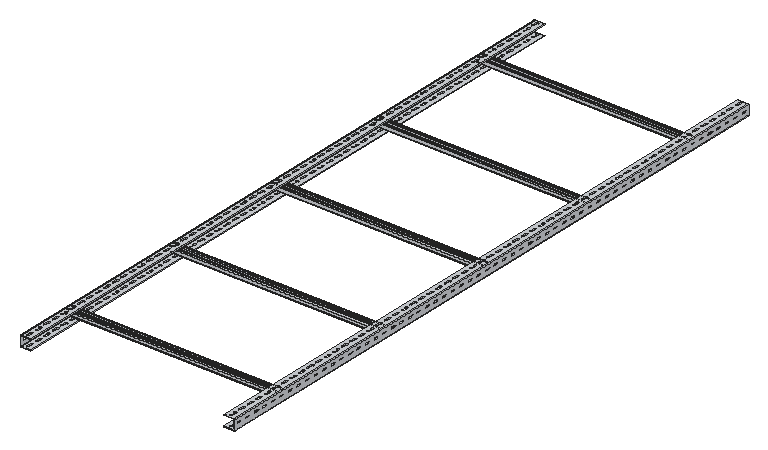
Revit family "steigeleiter_1000_FT", category Generic Models, Revit 2017
Family settings
  Can host rebar = No
  Round Connector Dimension = Use Diameter
  Part Type = Normal
  Work Plane-Based = No
  Always vertical = Yes
  Cut with Voids When Loaded = No
  Shared = No
  Room Calculation Point = No
Parameters (values of type "SLM 50 C40 10 FT")
  Width 1 = Width / 2  # 500 mm
  Width = 1000 mm
  URL = "http://www.obo-bettermann.com"
  Material = none
  Manufacturer Art.No. = "6010547"
  Manufacturer = "OBO BETTERMANN"
  Length 2 = 273.5 mm
  Length = 3000 mm
  GTIN = "4012196168613"
  Cut's space 2 = 600 mm
  Cut's space = 50 mm
  Cut's number 3 = 2
  Cut's number 2 = 5
  Cut's number = Length / Cut's space  # 60
  Article Type = "SLM 50 C40 10 FT"
Reference planes
  plane 1 "Center (Front/Back)": y = 0
  plane 2: z = 0
  plane 3 "Center (Left/Right)": x = 0
  plane 4: z = 50
  plane 5: y = 3000
  plane 6: y = 273.5
Forms (mm)
  Extrusion 1, solid
    sketch origin (0, 0, 0) x (1, 0, 0) y (0, 0, 1)
      loop
        arc (-496, 2.5) -> (-497.061, 2.939) -> (-497.5, 4) r 1.5
        line (-497.5, 4) -> (-497.5, 46)
        arc (-497.5, 46) -> (-497.061, 47.061) -> (-496, 47.5) r 1.5
        line (-496, 47.5) -> (-450, 47.5) -> (-450, 50) -> (-496, 50)
        arc (-496, 50) -> (-498.828, 48.828) -> (-500, 46) r 4
        line (-500, 46) -> (-500, 4)
        arc (-500, 4) -> (-498.828, 1.172) -> (-496, 0) r 4
        line (-496, 0) -> (-450, 0) -> (-450, 2.5) -> (-496, 2.5)
      loop
        line (450, 50) -> (450, 47.5) -> (496, 47.5)
        arc (496, 47.5) -> (497.061, 47.061) -> (497.5, 46) r 1.5
        line (497.5, 46) -> (497.5, 4)
        arc (497.5, 4) -> (497.061, 2.939) -> (496, 2.5) r 1.5
        line (496, 2.5) -> (450, 2.5) -> (450, 0) -> (499.273, 0)
        arc (499.273, 0) -> (499.787, 0.213) -> (500, 0.727) r 0.727
        line (500, 0.727) -> (500, 47.011)
        arc (500, 47.011) -> (499.124, 49.124) -> (497.011, 50) r 2.989
        line (497.011, 50) -> (450, 50)
    from 0 to -3000
  Extrusion 2, void
    sketch origin (0, 0, 0) x (1, 0, 0) y (0, 1, 0)
      loop
        arc (-480.5, 15.5) -> (-475, 10) -> (-469.5, 15.5) r 5.5
        line (-469.5, 15.5) -> (-469.5, 34.5)
        arc (-469.5, 34.5) -> (-475, 40) -> (-480.5, 34.5) r 5.5
        line (-480.5, 34.5) -> (-480.5, 15.5)
    from 47.5 to 50
  Extrusion 3, void
    sketch origin (0, 50, 0) x (1, 0, 0) y (0, 1, 0)
      loop
        arc (-480.5, 15.5) -> (-475, 10) -> (-469.5, 15.5) r 5.5
        line (-469.5, 15.5) -> (-469.5, 34.5)
        arc (-469.5, 34.5) -> (-475, 40) -> (-480.5, 34.5) r 5.5
        line (-480.5, 34.5) -> (-480.5, 15.5)
    from 47.5 to 50
  Extrusion 4, void
    sketch origin (0, 100, 0) x (1, 0, 0) y (0, 1, 0)
      loop
        arc (-480.5, 15.5) -> (-475, 10) -> (-469.5, 15.5) r 5.5
        line (-469.5, 15.5) -> (-469.5, 34.5)
        arc (-469.5, 34.5) -> (-475, 40) -> (-480.5, 34.5) r 5.5
        line (-480.5, 34.5) -> (-480.5, 15.5)
    from 47.5 to 50
  Extrusion 5, void
    sketch origin (0, 150, 0) x (1, 0, 0) y (0, 1, 0)
      loop
        arc (-480.5, 15.5) -> (-475, 10) -> (-469.5, 15.5) r 5.5
        line (-469.5, 15.5) -> (-469.5, 34.5)
        arc (-469.5, 34.5) -> (-475, 40) -> (-480.5, 34.5) r 5.5
        line (-480.5, 34.5) -> (-480.5, 15.5)
    from 47.5 to 50
  Extrusion 6, void
    sketch origin (0, 200, 0) x (1, 0, 0) y (0, 1, 0)
      loop
        arc (-480.5, 15.5) -> (-475, 10) -> (-469.5, 15.5) r 5.5
        line (-469.5, 15.5) -> (-469.5, 34.5)
        arc (-469.5, 34.5) -> (-475, 40) -> (-480.5, 34.5) r 5.5
        line (-480.5, 34.5) -> (-480.5, 15.5)
    from 47.5 to 50
  Extrusion 7, void
    sketch origin (0, 250, 0) x (1, 0, 0) y (0, 1, 0)
      loop
        arc (-480.5, 15.5) -> (-475, 10) -> (-469.5, 15.5) r 5.5
        line (-469.5, 15.5) -> (-469.5, 34.5)
        arc (-469.5, 34.5) -> (-475, 40) -> (-480.5, 34.5) r 5.5
        line (-480.5, 34.5) -> (-480.5, 15.5)
    from 47.5 to 50
  Extrusion 8, void
    sketch origin (0, 300, 0) x (1, 0, 0) y (0, 1, 0)
      loop
        arc (-480.5, 15.5) -> (-475, 10) -> (-469.5, 15.5) r 5.5
        line (-469.5, 15.5) -> (-469.5, 34.5)
        arc (-469.5, 34.5) -> (-475, 40) -> (-480.5, 34.5) r 5.5
        line (-480.5, 34.5) -> (-480.5, 15.5)
    from 47.5 to 50
  Extrusion 9, void
    sketch origin (0, 350, 0) x (1, 0, 0) y (0, 1, 0)
      loop
        arc (-480.5, 15.5) -> (-475, 10) -> (-469.5, 15.5) r 5.5
        line (-469.5, 15.5) -> (-469.5, 34.5)
        arc (-469.5, 34.5) -> (-475, 40) -> (-480.5, 34.5) r 5.5
        line (-480.5, 34.5) -> (-480.5, 15.5)
    from 47.5 to 50
  Extrusion 10, void
    sketch origin (0, 400, 0) x (1, 0, 0) y (0, 1, 0)
      loop
        arc (-480.5, 15.5) -> (-475, 10) -> (-469.5, 15.5) r 5.5
        line (-469.5, 15.5) -> (-469.5, 34.5)
        arc (-469.5, 34.5) -> (-475, 40) -> (-480.5, 34.5) r 5.5
        line (-480.5, 34.5) -> (-480.5, 15.5)
    from 47.5 to 50
  Extrusion 11, void
    sketch origin (0, 450, 0) x (1, 0, 0) y (0, 1, 0)
      loop
        arc (-480.5, 15.5) -> (-475, 10) -> (-469.5, 15.5) r 5.5
        line (-469.5, 15.5) -> (-469.5, 34.5)
        arc (-469.5, 34.5) -> (-475, 40) -> (-480.5, 34.5) r 5.5
        line (-480.5, 34.5) -> (-480.5, 15.5)
    from 47.5 to 50
  Extrusion 12, void
    sketch origin (0, 500, 0) x (1, 0, 0) y (0, 1, 0)
      loop
        arc (-480.5, 15.5) -> (-475, 10) -> (-469.5, 15.5) r 5.5
        line (-469.5, 15.5) -> (-469.5, 34.5)
        arc (-469.5, 34.5) -> (-475, 40) -> (-480.5, 34.5) r 5.5
        line (-480.5, 34.5) -> (-480.5, 15.5)
    from 47.5 to 50
  Extrusion 13, void
    sketch origin (0, 550, 0) x (1, 0, 0) y (0, 1, 0)
      loop
        arc (-480.5, 15.5) -> (-475, 10) -> (-469.5, 15.5) r 5.5
        line (-469.5, 15.5) -> (-469.5, 34.5)
        arc (-469.5, 34.5) -> (-475, 40) -> (-480.5, 34.5) r 5.5
        line (-480.5, 34.5) -> (-480.5, 15.5)
    from 47.5 to 50
  Extrusion 14, void
    sketch origin (0, 600, 0) x (1, 0, 0) y (0, 1, 0)
      loop
        arc (-480.5, 15.5) -> (-475, 10) -> (-469.5, 15.5) r 5.5
        line (-469.5, 15.5) -> (-469.5, 34.5)
        arc (-469.5, 34.5) -> (-475, 40) -> (-480.5, 34.5) r 5.5
        line (-480.5, 34.5) -> (-480.5, 15.5)
    from 47.5 to 50
  Extrusion 15, void
    sketch origin (0, 650, 0) x (1, 0, 0) y (0, 1, 0)
      loop
        arc (-480.5, 15.5) -> (-475, 10) -> (-469.5, 15.5) r 5.5
        line (-469.5, 15.5) -> (-469.5, 34.5)
        arc (-469.5, 34.5) -> (-475, 40) -> (-480.5, 34.5) r 5.5
        line (-480.5, 34.5) -> (-480.5, 15.5)
    from 47.5 to 50
  Extrusion 16, void
    sketch origin (0, 700, 0) x (1, 0, 0) y (0, 1, 0)
      loop
        arc (-480.5, 15.5) -> (-475, 10) -> (-469.5, 15.5) r 5.5
        line (-469.5, 15.5) -> (-469.5, 34.5)
        arc (-469.5, 34.5) -> (-475, 40) -> (-480.5, 34.5) r 5.5
        line (-480.5, 34.5) -> (-480.5, 15.5)
    from 47.5 to 50
  Extrusion 17, void
    sketch origin (0, 750, 0) x (1, 0, 0) y (0, 1, 0)
      loop
        arc (-480.5, 15.5) -> (-475, 10) -> (-469.5, 15.5) r 5.5
        line (-469.5, 15.5) -> (-469.5, 34.5)
        arc (-469.5, 34.5) -> (-475, 40) -> (-480.5, 34.5) r 5.5
        line (-480.5, 34.5) -> (-480.5, 15.5)
    from 47.5 to 50
  Extrusion 18, void
    sketch origin (0, 800, 0) x (1, 0, 0) y (0, 1, 0)
      loop
        arc (-480.5, 15.5) -> (-475, 10) -> (-469.5, 15.5) r 5.5
        line (-469.5, 15.5) -> (-469.5, 34.5)
        arc (-469.5, 34.5) -> (-475, 40) -> (-480.5, 34.5) r 5.5
        line (-480.5, 34.5) -> (-480.5, 15.5)
    from 47.5 to 50
  Extrusion 19, void
    sketch origin (0, 850, 0) x (1, 0, 0) y (0, 1, 0)
      loop
        arc (-480.5, 15.5) -> (-475, 10) -> (-469.5, 15.5) r 5.5
        line (-469.5, 15.5) -> (-469.5, 34.5)
        arc (-469.5, 34.5) -> (-475, 40) -> (-480.5, 34.5) r 5.5
        line (-480.5, 34.5) -> (-480.5, 15.5)
    from 47.5 to 50
  Extrusion 20, void
    sketch origin (0, 900, 0) x (1, 0, 0) y (0, 1, 0)
      loop
        arc (-480.5, 15.5) -> (-475, 10) -> (-469.5, 15.5) r 5.5
        line (-469.5, 15.5) -> (-469.5, 34.5)
        arc (-469.5, 34.5) -> (-475, 40) -> (-480.5, 34.5) r 5.5
        line (-480.5, 34.5) -> (-480.5, 15.5)
    from 47.5 to 50
  Extrusion 21, void
    sketch origin (0, 950, 0) x (1, 0, 0) y (0, 1, 0)
      loop
        arc (-480.5, 15.5) -> (-475, 10) -> (-469.5, 15.5) r 5.5
        line (-469.5, 15.5) -> (-469.5, 34.5)
        arc (-469.5, 34.5) -> (-475, 40) -> (-480.5, 34.5) r 5.5
        line (-480.5, 34.5) -> (-480.5, 15.5)
    from 47.5 to 50
  Extrusion 22, void
    sketch origin (0, 1000, 0) x (1, 0, 0) y (0, 1, 0)
      loop
        arc (-480.5, 15.5) -> (-475, 10) -> (-469.5, 15.5) r 5.5
        line (-469.5, 15.5) -> (-469.5, 34.5)
        arc (-469.5, 34.5) -> (-475, 40) -> (-480.5, 34.5) r 5.5
        line (-480.5, 34.5) -> (-480.5, 15.5)
    from 47.5 to 50
  Extrusion 23, void
    sketch origin (0, 1050, 0) x (1, 0, 0) y (0, 1, 0)
      loop
        arc (-480.5, 15.5) -> (-475, 10) -> (-469.5, 15.5) r 5.5
        line (-469.5, 15.5) -> (-469.5, 34.5)
        arc (-469.5, 34.5) -> (-475, 40) -> (-480.5, 34.5) r 5.5
        line (-480.5, 34.5) -> (-480.5, 15.5)
    from 47.5 to 50
  Extrusion 24, void
    sketch origin (0, 1100, 0) x (1, 0, 0) y (0, 1, 0)
      loop
        arc (-480.5, 15.5) -> (-475, 10) -> (-469.5, 15.5) r 5.5
        line (-469.5, 15.5) -> (-469.5, 34.5)
        arc (-469.5, 34.5) -> (-475, 40) -> (-480.5, 34.5) r 5.5
        line (-480.5, 34.5) -> (-480.5, 15.5)
    from 47.5 to 50
  Extrusion 25, void
    sketch origin (0, 1150, 0) x (1, 0, 0) y (0, 1, 0)
      loop
        arc (-480.5, 15.5) -> (-475, 10) -> (-469.5, 15.5) r 5.5
        line (-469.5, 15.5) -> (-469.5, 34.5)
        arc (-469.5, 34.5) -> (-475, 40) -> (-480.5, 34.5) r 5.5
        line (-480.5, 34.5) -> (-480.5, 15.5)
    from 47.5 to 50
  Extrusion 26, void
    sketch origin (0, 1200, 0) x (1, 0, 0) y (0, 1, 0)
      loop
        arc (-480.5, 15.5) -> (-475, 10) -> (-469.5, 15.5) r 5.5
        line (-469.5, 15.5) -> (-469.5, 34.5)
        arc (-469.5, 34.5) -> (-475, 40) -> (-480.5, 34.5) r 5.5
        line (-480.5, 34.5) -> (-480.5, 15.5)
    from 47.5 to 50
  Extrusion 27, void
    sketch origin (0, 1250, 0) x (1, 0, 0) y (0, 1, 0)
      loop
        arc (-480.5, 15.5) -> (-475, 10) -> (-469.5, 15.5) r 5.5
        line (-469.5, 15.5) -> (-469.5, 34.5)
        arc (-469.5, 34.5) -> (-475, 40) -> (-480.5, 34.5) r 5.5
        line (-480.5, 34.5) -> (-480.5, 15.5)
    from 47.5 to 50
  Extrusion 28, void
    sketch origin (0, 1300, 0) x (1, 0, 0) y (0, 1, 0)
      loop
        arc (-480.5, 15.5) -> (-475, 10) -> (-469.5, 15.5) r 5.5
        line (-469.5, 15.5) -> (-469.5, 34.5)
        arc (-469.5, 34.5) -> (-475, 40) -> (-480.5, 34.5) r 5.5
        line (-480.5, 34.5) -> (-480.5, 15.5)
    from 47.5 to 50
  Extrusion 29, void
    sketch origin (0, 1350, 0) x (1, 0, 0) y (0, 1, 0)
      loop
        arc (-480.5, 15.5) -> (-475, 10) -> (-469.5, 15.5) r 5.5
        line (-469.5, 15.5) -> (-469.5, 34.5)
        arc (-469.5, 34.5) -> (-475, 40) -> (-480.5, 34.5) r 5.5
        line (-480.5, 34.5) -> (-480.5, 15.5)
    from 47.5 to 50
  Extrusion 30, void
    sketch origin (0, 1400, 0) x (1, 0, 0) y (0, 1, 0)
      loop
        arc (-480.5, 15.5) -> (-475, 10) -> (-469.5, 15.5) r 5.5
        line (-469.5, 15.5) -> (-469.5, 34.5)
        arc (-469.5, 34.5) -> (-475, 40) -> (-480.5, 34.5) r 5.5
        line (-480.5, 34.5) -> (-480.5, 15.5)
    from 47.5 to 50
  Extrusion 31, void
    sketch origin (0, 1450, 0) x (1, 0, 0) y (0, 1, 0)
      loop
        arc (-480.5, 15.5) -> (-475, 10) -> (-469.5, 15.5) r 5.5
        line (-469.5, 15.5) -> (-469.5, 34.5)
        arc (-469.5, 34.5) -> (-475, 40) -> (-480.5, 34.5) r 5.5
        line (-480.5, 34.5) -> (-480.5, 15.5)
    from 47.5 to 50
  Extrusion 32, void
    sketch origin (0, 1500, 0) x (1, 0, 0) y (0, 1, 0)
      loop
        arc (-480.5, 15.5) -> (-475, 10) -> (-469.5, 15.5) r 5.5
        line (-469.5, 15.5) -> (-469.5, 34.5)
        arc (-469.5, 34.5) -> (-475, 40) -> (-480.5, 34.5) r 5.5
        line (-480.5, 34.5) -> (-480.5, 15.5)
    from 47.5 to 50
  Extrusion 33, void
    sketch origin (0, 1550, 0) x (1, 0, 0) y (0, 1, 0)
      loop
        arc (-480.5, 15.5) -> (-475, 10) -> (-469.5, 15.5) r 5.5
        line (-469.5, 15.5) -> (-469.5, 34.5)
        arc (-469.5, 34.5) -> (-475, 40) -> (-480.5, 34.5) r 5.5
        line (-480.5, 34.5) -> (-480.5, 15.5)
    from 47.5 to 50
  Extrusion 34, void
    sketch origin (0, 1600, 0) x (1, 0, 0) y (0, 1, 0)
      loop
        arc (-480.5, 15.5) -> (-475, 10) -> (-469.5, 15.5) r 5.5
        line (-469.5, 15.5) -> (-469.5, 34.5)
        arc (-469.5, 34.5) -> (-475, 40) -> (-480.5, 34.5) r 5.5
        line (-480.5, 34.5) -> (-480.5, 15.5)
    from 47.5 to 50
  Extrusion 35, void
    sketch origin (0, 1650, 0) x (1, 0, 0) y (0, 1, 0)
      loop
        arc (-480.5, 15.5) -> (-475, 10) -> (-469.5, 15.5) r 5.5
        line (-469.5, 15.5) -> (-469.5, 34.5)
        arc (-469.5, 34.5) -> (-475, 40) -> (-480.5, 34.5) r 5.5
        line (-480.5, 34.5) -> (-480.5, 15.5)
    from 47.5 to 50
  Extrusion 36, void
    sketch origin (0, 1700, 0) x (1, 0, 0) y (0, 1, 0)
      loop
        arc (-480.5, 15.5) -> (-475, 10) -> (-469.5, 15.5) r 5.5
        line (-469.5, 15.5) -> (-469.5, 34.5)
        arc (-469.5, 34.5) -> (-475, 40) -> (-480.5, 34.5) r 5.5
        line (-480.5, 34.5) -> (-480.5, 15.5)
    from 47.5 to 50
  Extrusion 37, void
    sketch origin (0, 1750, 0) x (1, 0, 0) y (0, 1, 0)
      loop
        arc (-480.5, 15.5) -> (-475, 10) -> (-469.5, 15.5) r 5.5
        line (-469.5, 15.5) -> (-469.5, 34.5)
        arc (-469.5, 34.5) -> (-475, 40) -> (-480.5, 34.5) r 5.5
        line (-480.5, 34.5) -> (-480.5, 15.5)
    from 47.5 to 50
  Extrusion 38, void
    sketch origin (0, 1800, 0) x (1, 0, 0) y (0, 1, 0)
      loop
        arc (-480.5, 15.5) -> (-475, 10) -> (-469.5, 15.5) r 5.5
        line (-469.5, 15.5) -> (-469.5, 34.5)
        arc (-469.5, 34.5) -> (-475, 40) -> (-480.5, 34.5) r 5.5
        line (-480.5, 34.5) -> (-480.5, 15.5)
    from 47.5 to 50
  Extrusion 39, void
    sketch origin (0, 1850, 0) x (1, 0, 0) y (0, 1, 0)
      loop
        arc (-480.5, 15.5) -> (-475, 10) -> (-469.5, 15.5) r 5.5
        line (-469.5, 15.5) -> (-469.5, 34.5)
        arc (-469.5, 34.5) -> (-475, 40) -> (-480.5, 34.5) r 5.5
        line (-480.5, 34.5) -> (-480.5, 15.5)
    from 47.5 to 50
  Extrusion 40, void
    sketch origin (0, 1900, 0) x (1, 0, 0) y (0, 1, 0)
      loop
        arc (-480.5, 15.5) -> (-475, 10) -> (-469.5, 15.5) r 5.5
        line (-469.5, 15.5) -> (-469.5, 34.5)
        arc (-469.5, 34.5) -> (-475, 40) -> (-480.5, 34.5) r 5.5
        line (-480.5, 34.5) -> (-480.5, 15.5)
    from 47.5 to 50
  Extrusion 41, void
    sketch origin (0, 1950, 0) x (1, 0, 0) y (0, 1, 0)
      loop
        arc (-480.5, 15.5) -> (-475, 10) -> (-469.5, 15.5) r 5.5
        line (-469.5, 15.5) -> (-469.5, 34.5)
        arc (-469.5, 34.5) -> (-475, 40) -> (-480.5, 34.5) r 5.5
        line (-480.5, 34.5) -> (-480.5, 15.5)
    from 47.5 to 50
  Extrusion 42, void
    sketch origin (0, 2000, 0) x (1, 0, 0) y (0, 1, 0)
      loop
        arc (-480.5, 15.5) -> (-475, 10) -> (-469.5, 15.5) r 5.5
        line (-469.5, 15.5) -> (-469.5, 34.5)
        arc (-469.5, 34.5) -> (-475, 40) -> (-480.5, 34.5) r 5.5
        line (-480.5, 34.5) -> (-480.5, 15.5)
    from 47.5 to 50
  Extrusion 43, void
    sketch origin (0, 2050, 0) x (1, 0, 0) y (0, 1, 0)
      loop
        arc (-480.5, 15.5) -> (-475, 10) -> (-469.5, 15.5) r 5.5
        line (-469.5, 15.5) -> (-469.5, 34.5)
        arc (-469.5, 34.5) -> (-475, 40) -> (-480.5, 34.5) r 5.5
        line (-480.5, 34.5) -> (-480.5, 15.5)
    from 47.5 to 50
  Extrusion 44, void
    sketch origin (0, 2100, 0) x (1, 0, 0) y (0, 1, 0)
      loop
        arc (-480.5, 15.5) -> (-475, 10) -> (-469.5, 15.5) r 5.5
        line (-469.5, 15.5) -> (-469.5, 34.5)
        arc (-469.5, 34.5) -> (-475, 40) -> (-480.5, 34.5) r 5.5
        line (-480.5, 34.5) -> (-480.5, 15.5)
    from 47.5 to 50
  Extrusion 45, void
    sketch origin (0, 2150, 0) x (1, 0, 0) y (0, 1, 0)
      loop
        arc (-480.5, 15.5) -> (-475, 10) -> (-469.5, 15.5) r 5.5
        line (-469.5, 15.5) -> (-469.5, 34.5)
        arc (-469.5, 34.5) -> (-475, 40) -> (-480.5, 34.5) r 5.5
        line (-480.5, 34.5) -> (-480.5, 15.5)
    from 47.5 to 50
  Extrusion 46, void
    sketch origin (0, 2200, 0) x (1, 0, 0) y (0, 1, 0)
      loop
        arc (-480.5, 15.5) -> (-475, 10) -> (-469.5, 15.5) r 5.5
        line (-469.5, 15.5) -> (-469.5, 34.5)
        arc (-469.5, 34.5) -> (-475, 40) -> (-480.5, 34.5) r 5.5
        line (-480.5, 34.5) -> (-480.5, 15.5)
    from 47.5 to 50
  Extrusion 47, void
    sketch origin (0, 2250, 0) x (1, 0, 0) y (0, 1, 0)
      loop
        arc (-480.5, 15.5) -> (-475, 10) -> (-469.5, 15.5) r 5.5
        line (-469.5, 15.5) -> (-469.5, 34.5)
        arc (-469.5, 34.5) -> (-475, 40) -> (-480.5, 34.5) r 5.5
        line (-480.5, 34.5) -> (-480.5, 15.5)
    from 47.5 to 50
  Extrusion 48, void
    sketch origin (0, 2300, 0) x (1, 0, 0) y (0, 1, 0)
      loop
        arc (-480.5, 15.5) -> (-475, 10) -> (-469.5, 15.5) r 5.5
        line (-469.5, 15.5) -> (-469.5, 34.5)
        arc (-469.5, 34.5) -> (-475, 40) -> (-480.5, 34.5) r 5.5
        line (-480.5, 34.5) -> (-480.5, 15.5)
    from 47.5 to 50
  Extrusion 49, void
    sketch origin (0, 2350, 0) x (1, 0, 0) y (0, 1, 0)
      loop
        arc (-480.5, 15.5) -> (-475, 10) -> (-469.5, 15.5) r 5.5
        line (-469.5, 15.5) -> (-469.5, 34.5)
        arc (-469.5, 34.5) -> (-475, 40) -> (-480.5, 34.5) r 5.5
        line (-480.5, 34.5) -> (-480.5, 15.5)
    from 47.5 to 50
  Extrusion 50, void
    sketch origin (0, 2400, 0) x (1, 0, 0) y (0, 1, 0)
      loop
        arc (-480.5, 15.5) -> (-475, 10) -> (-469.5, 15.5) r 5.5
        line (-469.5, 15.5) -> (-469.5, 34.5)
        arc (-469.5, 34.5) -> (-475, 40) -> (-480.5, 34.5) r 5.5
        line (-480.5, 34.5) -> (-480.5, 15.5)
    from 47.5 to 50
  Extrusion 51, void
    sketch origin (0, 2450, 0) x (1, 0, 0) y (0, 1, 0)
      loop
        arc (-480.5, 15.5) -> (-475, 10) -> (-469.5, 15.5) r 5.5
        line (-469.5, 15.5) -> (-469.5, 34.5)
        arc (-469.5, 34.5) -> (-475, 40) -> (-480.5, 34.5) r 5.5
        line (-480.5, 34.5) -> (-480.5, 15.5)
    from 47.5 to 50
  Extrusion 52, void
    sketch origin (0, 2500, 0) x (1, 0, 0) y (0, 1, 0)
      loop
        arc (-480.5, 15.5) -> (-475, 10) -> (-469.5, 15.5) r 5.5
        line (-469.5, 15.5) -> (-469.5, 34.5)
        arc (-469.5, 34.5) -> (-475, 40) -> (-480.5, 34.5) r 5.5
        line (-480.5, 34.5) -> (-480.5, 15.5)
    from 47.5 to 50
  Extrusion 53, void
    sketch origin (0, 2550, 0) x (1, 0, 0) y (0, 1, 0)
      loop
        arc (-480.5, 15.5) -> (-475, 10) -> (-469.5, 15.5) r 5.5
        line (-469.5, 15.5) -> (-469.5, 34.5)
        arc (-469.5, 34.5) -> (-475, 40) -> (-480.5, 34.5) r 5.5
        line (-480.5, 34.5) -> (-480.5, 15.5)
    from 47.5 to 50
  Extrusion 54, void
    sketch origin (0, 2600, 0) x (1, 0, 0) y (0, 1, 0)
      loop
        arc (-480.5, 15.5) -> (-475, 10) -> (-469.5, 15.5) r 5.5
        line (-469.5, 15.5) -> (-469.5, 34.5)
        arc (-469.5, 34.5) -> (-475, 40) -> (-480.5, 34.5) r 5.5
        line (-480.5, 34.5) -> (-480.5, 15.5)
    from 47.5 to 50
  Extrusion 55, void
    sketch origin (0, 2650, 0) x (1, 0, 0) y (0, 1, 0)
      loop
        arc (-480.5, 15.5) -> (-475, 10) -> (-469.5, 15.5) r 5.5
        line (-469.5, 15.5) -> (-469.5, 34.5)
        arc (-469.5, 34.5) -> (-475, 40) -> (-480.5, 34.5) r 5.5
        line (-480.5, 34.5) -> (-480.5, 15.5)
    from 47.5 to 50
  Extrusion 56, void
    sketch origin (0, 2700, 0) x (1, 0, 0) y (0, 1, 0)
      loop
        arc (-480.5, 15.5) -> (-475, 10) -> (-469.5, 15.5) r 5.5
        line (-469.5, 15.5) -> (-469.5, 34.5)
        arc (-469.5, 34.5) -> (-475, 40) -> (-480.5, 34.5) r 5.5
        line (-480.5, 34.5) -> (-480.5, 15.5)
    from 47.5 to 50
  Extrusion 57, void
    sketch origin (0, 2750, 0) x (1, 0, 0) y (0, 1, 0)
      loop
        arc (-480.5, 15.5) -> (-475, 10) -> (-469.5, 15.5) r 5.5
        line (-469.5, 15.5) -> (-469.5, 34.5)
        arc (-469.5, 34.5) -> (-475, 40) -> (-480.5, 34.5) r 5.5
        line (-480.5, 34.5) -> (-480.5, 15.5)
    from 47.5 to 50
  Extrusion 58, void
    sketch origin (0, 2800, 0) x (1, 0, 0) y (0, 1, 0)
      loop
        arc (-480.5, 15.5) -> (-475, 10) -> (-469.5, 15.5) r 5.5
        line (-469.5, 15.5) -> (-469.5, 34.5)
        arc (-469.5, 34.5) -> (-475, 40) -> (-480.5, 34.5) r 5.5
        line (-480.5, 34.5) -> (-480.5, 15.5)
    from 47.5 to 50
  Extrusion 59, void
    sketch origin (0, 2850, 0) x (1, 0, 0) y (0, 1, 0)
      loop
        arc (-480.5, 15.5) -> (-475, 10) -> (-469.5, 15.5) r 5.5
        line (-469.5, 15.5) -> (-469.5, 34.5)
        arc (-469.5, 34.5) -> (-475, 40) -> (-480.5, 34.5) r 5.5
        line (-480.5, 34.5) -> (-480.5, 15.5)
    from 47.5 to 50
  Extrusion 60, void
    sketch origin (0, 2900, 0) x (1, 0, 0) y (0, 1, 0)
      loop
        arc (-480.5, 15.5) -> (-475, 10) -> (-469.5, 15.5) r 5.5
        line (-469.5, 15.5) -> (-469.5, 34.5)
        arc (-469.5, 34.5) -> (-475, 40) -> (-480.5, 34.5) r 5.5
        line (-480.5, 34.5) -> (-480.5, 15.5)
    from 47.5 to 50
  Extrusion 61, void
    sketch origin (0, 2950, 0) x (1, 0, 0) y (0, 1, 0)
      loop
        arc (-480.5, 15.5) -> (-475, 10) -> (-469.5, 15.5) r 5.5
        line (-469.5, 15.5) -> (-469.5, 34.5)
        arc (-469.5, 34.5) -> (-475, 40) -> (-480.5, 34.5) r 5.5
        line (-480.5, 34.5) -> (-480.5, 15.5)
    from 47.5 to 50
  Extrusion 62, void
    sketch origin (0, 0, 0) x (1, 0, 0) y (0, 1, 0)
      loop
        arc (469.5, 15.5) -> (475, 10) -> (480.5, 15.5) r 5.5
        line (480.5, 15.5) -> (480.5, 34.5)
        arc (480.5, 34.5) -> (475, 40) -> (469.5, 34.5) r 5.5
        line (469.5, 34.5) -> (469.5, 15.5)
    from 47.5 to 50
  Extrusion 63, void
    sketch origin (0, 50, 0) x (1, 0, 0) y (0, 1, 0)
      loop
        arc (469.5, 15.5) -> (475, 10) -> (480.5, 15.5) r 5.5
        line (480.5, 15.5) -> (480.5, 34.5)
        arc (480.5, 34.5) -> (475, 40) -> (469.5, 34.5) r 5.5
        line (469.5, 34.5) -> (469.5, 15.5)
    from 47.5 to 50
  Extrusion 64, void
    sketch origin (0, 100, 0) x (1, 0, 0) y (0, 1, 0)
      loop
        arc (469.5, 15.5) -> (475, 10) -> (480.5, 15.5) r 5.5
        line (480.5, 15.5) -> (480.5, 34.5)
        arc (480.5, 34.5) -> (475, 40) -> (469.5, 34.5) r 5.5
        line (469.5, 34.5) -> (469.5, 15.5)
    from 47.5 to 50
  Extrusion 65, void
    sketch origin (0, 150, 0) x (1, 0, 0) y (0, 1, 0)
      loop
        arc (469.5, 15.5) -> (475, 10) -> (480.5, 15.5) r 5.5
        line (480.5, 15.5) -> (480.5, 34.5)
        arc (480.5, 34.5) -> (475, 40) -> (469.5, 34.5) r 5.5
        line (469.5, 34.5) -> (469.5, 15.5)
    from 47.5 to 50
  Extrusion 66, void
    sketch origin (0, 200, 0) x (1, 0, 0) y (0, 1, 0)
      loop
        arc (469.5, 15.5) -> (475, 10) -> (480.5, 15.5) r 5.5
        line (480.5, 15.5) -> (480.5, 34.5)
        arc (480.5, 34.5) -> (475, 40) -> (469.5, 34.5) r 5.5
        line (469.5, 34.5) -> (469.5, 15.5)
    from 47.5 to 50
  Extrusion 67, void
    sketch origin (0, 250, 0) x (1, 0, 0) y (0, 1, 0)
      loop
        arc (469.5, 15.5) -> (475, 10) -> (480.5, 15.5) r 5.5
        line (480.5, 15.5) -> (480.5, 34.5)
        arc (480.5, 34.5) -> (475, 40) -> (469.5, 34.5) r 5.5
        line (469.5, 34.5) -> (469.5, 15.5)
    from 47.5 to 50
  Extrusion 68, void
    sketch origin (0, 300, 0) x (1, 0, 0) y (0, 1, 0)
      loop
        arc (469.5, 15.5) -> (475, 10) -> (480.5, 15.5) r 5.5
        line (480.5, 15.5) -> (480.5, 34.5)
        arc (480.5, 34.5) -> (475, 40) -> (469.5, 34.5) r 5.5
        line (469.5, 34.5) -> (469.5, 15.5)
    from 47.5 to 50
  Extrusion 69, void
    sketch origin (0, 350, 0) x (1, 0, 0) y (0, 1, 0)
      loop
        arc (469.5, 15.5) -> (475, 10) -> (480.5, 15.5) r 5.5
        line (480.5, 15.5) -> (480.5, 34.5)
        arc (480.5, 34.5) -> (475, 40) -> (469.5, 34.5) r 5.5
        line (469.5, 34.5) -> (469.5, 15.5)
    from 47.5 to 50
  Extrusion 70, void
    sketch origin (0, 400, 0) x (1, 0, 0) y (0, 1, 0)
      loop
        arc (469.5, 15.5) -> (475, 10) -> (480.5, 15.5) r 5.5
        line (480.5, 15.5) -> (480.5, 34.5)
        arc (480.5, 34.5) -> (475, 40) -> (469.5, 34.5) r 5.5
        line (469.5, 34.5) -> (469.5, 15.5)
    from 47.5 to 50
  Extrusion 71, void
    sketch origin (0, 450, 0) x (1, 0, 0) y (0, 1, 0)
      loop
        arc (469.5, 15.5) -> (475, 10) -> (480.5, 15.5) r 5.5
        line (480.5, 15.5) -> (480.5, 34.5)
        arc (480.5, 34.5) -> (475, 40) -> (469.5, 34.5) r 5.5
        line (469.5, 34.5) -> (469.5, 15.5)
    from 47.5 to 50
  Extrusion 72, void
    sketch origin (0, 500, 0) x (1, 0, 0) y (0, 1, 0)
      loop
        arc (469.5, 15.5) -> (475, 10) -> (480.5, 15.5) r 5.5
        line (480.5, 15.5) -> (480.5, 34.5)
        arc (480.5, 34.5) -> (475, 40) -> (469.5, 34.5) r 5.5
        line (469.5, 34.5) -> (469.5, 15.5)
    from 47.5 to 50
  Extrusion 73, void
    sketch origin (0, 550, 0) x (1, 0, 0) y (0, 1, 0)
      loop
        arc (469.5, 15.5) -> (475, 10) -> (480.5, 15.5) r 5.5
        line (480.5, 15.5) -> (480.5, 34.5)
        arc (480.5, 34.5) -> (475, 40) -> (469.5, 34.5) r 5.5
        line (469.5, 34.5) -> (469.5, 15.5)
    from 47.5 to 50
  Extrusion 74, void
    sketch origin (0, 600, 0) x (1, 0, 0) y (0, 1, 0)
      loop
        arc (469.5, 15.5) -> (475, 10) -> (480.5, 15.5) r 5.5
        line (480.5, 15.5) -> (480.5, 34.5)
        arc (480.5, 34.5) -> (475, 40) -> (469.5, 34.5) r 5.5
        line (469.5, 34.5) -> (469.5, 15.5)
    from 47.5 to 50
  Extrusion 75, void
    sketch origin (0, 650, 0) x (1, 0, 0) y (0, 1, 0)
      loop
        arc (469.5, 15.5) -> (475, 10) -> (480.5, 15.5) r 5.5
        line (480.5, 15.5) -> (480.5, 34.5)
        arc (480.5, 34.5) -> (475, 40) -> (469.5, 34.5) r 5.5
        line (469.5, 34.5) -> (469.5, 15.5)
    from 47.5 to 50
  Extrusion 76, void
    sketch origin (0, 700, 0) x (1, 0, 0) y (0, 1, 0)
      loop
        arc (469.5, 15.5) -> (475, 10) -> (480.5, 15.5) r 5.5
        line (480.5, 15.5) -> (480.5, 34.5)
        arc (480.5, 34.5) -> (475, 40) -> (469.5, 34.5) r 5.5
        line (469.5, 34.5) -> (469.5, 15.5)
    from 47.5 to 50
  Extrusion 77, void
    sketch origin (0, 750, 0) x (1, 0, 0) y (0, 1, 0)
      loop
        arc (469.5, 15.5) -> (475, 10) -> (480.5, 15.5) r 5.5
        line (480.5, 15.5) -> (480.5, 34.5)
        arc (480.5, 34.5) -> (475, 40) -> (469.5, 34.5) r 5.5
        line (469.5, 34.5) -> (469.5, 15.5)
    from 47.5 to 50
  Extrusion 78, void
    sketch origin (0, 800, 0) x (1, 0, 0) y (0, 1, 0)
      loop
        arc (469.5, 15.5) -> (475, 10) -> (480.5, 15.5) r 5.5
        line (480.5, 15.5) -> (480.5, 34.5)
        arc (480.5, 34.5) -> (475, 40) -> (469.5, 34.5) r 5.5
        line (469.5, 34.5) -> (469.5, 15.5)
    from 47.5 to 50
  Extrusion 79, void
    sketch origin (0, 850, 0) x (1, 0, 0) y (0, 1, 0)
      loop
        arc (469.5, 15.5) -> (475, 10) -> (480.5, 15.5) r 5.5
        line (480.5, 15.5) -> (480.5, 34.5)
        arc (480.5, 34.5) -> (475, 40) -> (469.5, 34.5) r 5.5
        line (469.5, 34.5) -> (469.5, 15.5)
    from 47.5 to 50
  Extrusion 80, void
    sketch origin (0, 900, 0) x (1, 0, 0) y (0, 1, 0)
      loop
        arc (469.5, 15.5) -> (475, 10) -> (480.5, 15.5) r 5.5
        line (480.5, 15.5) -> (480.5, 34.5)
        arc (480.5, 34.5) -> (475, 40) -> (469.5, 34.5) r 5.5
        line (469.5, 34.5) -> (469.5, 15.5)
    from 47.5 to 50
  Extrusion 81, void
    sketch origin (0, 950, 0) x (1, 0, 0) y (0, 1, 0)
      loop
        arc (469.5, 15.5) -> (475, 10) -> (480.5, 15.5) r 5.5
        line (480.5, 15.5) -> (480.5, 34.5)
        arc (480.5, 34.5) -> (475, 40) -> (469.5, 34.5) r 5.5
        line (469.5, 34.5) -> (469.5, 15.5)
    from 47.5 to 50
  Extrusion 82, void
    sketch origin (0, 1000, 0) x (1, 0, 0) y (0, 1, 0)
      loop
        arc (469.5, 15.5) -> (475, 10) -> (480.5, 15.5) r 5.5
        line (480.5, 15.5) -> (480.5, 34.5)
        arc (480.5, 34.5) -> (475, 40) -> (469.5, 34.5) r 5.5
        line (469.5, 34.5) -> (469.5, 15.5)
    from 47.5 to 50
  Extrusion 83, void
    sketch origin (0, 1050, 0) x (1, 0, 0) y (0, 1, 0)
      loop
        arc (469.5, 15.5) -> (475, 10) -> (480.5, 15.5) r 5.5
        line (480.5, 15.5) -> (480.5, 34.5)
        arc (480.5, 34.5) -> (475, 40) -> (469.5, 34.5) r 5.5
        line (469.5, 34.5) -> (469.5, 15.5)
    from 47.5 to 50
  Extrusion 84, void
    sketch origin (0, 1100, 0) x (1, 0, 0) y (0, 1, 0)
      loop
        arc (469.5, 15.5) -> (475, 10) -> (480.5, 15.5) r 5.5
        line (480.5, 15.5) -> (480.5, 34.5)
        arc (480.5, 34.5) -> (475, 40) -> (469.5, 34.5) r 5.5
        line (469.5, 34.5) -> (469.5, 15.5)
    from 47.5 to 50
  Extrusion 85, void
    sketch origin (0, 1150, 0) x (1, 0, 0) y (0, 1, 0)
      loop
        arc (469.5, 15.5) -> (475, 10) -> (480.5, 15.5) r 5.5
        line (480.5, 15.5) -> (480.5, 34.5)
        arc (480.5, 34.5) -> (475, 40) -> (469.5, 34.5) r 5.5
        line (469.5, 34.5) -> (469.5, 15.5)
    from 47.5 to 50
  Extrusion 86, void
    sketch origin (0, 1200, 0) x (1, 0, 0) y (0, 1, 0)
      loop
        arc (469.5, 15.5) -> (475, 10) -> (480.5, 15.5) r 5.5
        line (480.5, 15.5) -> (480.5, 34.5)
        arc (480.5, 34.5) -> (475, 40) -> (469.5, 34.5) r 5.5
        line (469.5, 34.5) -> (469.5, 15.5)
    from 47.5 to 50
  Extrusion 87, void
    sketch origin (0, 1250, 0) x (1, 0, 0) y (0, 1, 0)
      loop
        arc (469.5, 15.5) -> (475, 10) -> (480.5, 15.5) r 5.5
        line (480.5, 15.5) -> (480.5, 34.5)
        arc (480.5, 34.5) -> (475, 40) -> (469.5, 34.5) r 5.5
        line (469.5, 34.5) -> (469.5, 15.5)
    from 47.5 to 50
  Extrusion 88, void
    sketch origin (0, 1300, 0) x (1, 0, 0) y (0, 1, 0)
      loop
        arc (469.5, 15.5) -> (475, 10) -> (480.5, 15.5) r 5.5
        line (480.5, 15.5) -> (480.5, 34.5)
        arc (480.5, 34.5) -> (475, 40) -> (469.5, 34.5) r 5.5
        line (469.5, 34.5) -> (469.5, 15.5)
    from 47.5 to 50
  Extrusion 89, void
    sketch origin (0, 1350, 0) x (1, 0, 0) y (0, 1, 0)
      loop
        arc (469.5, 15.5) -> (475, 10) -> (480.5, 15.5) r 5.5
        line (480.5, 15.5) -> (480.5, 34.5)
        arc (480.5, 34.5) -> (475, 40) -> (469.5, 34.5) r 5.5
        line (469.5, 34.5) -> (469.5, 15.5)
    from 47.5 to 50
  Extrusion 90, void
    sketch origin (0, 1400, 0) x (1, 0, 0) y (0, 1, 0)
      loop
        arc (469.5, 15.5) -> (475, 10) -> (480.5, 15.5) r 5.5
        line (480.5, 15.5) -> (480.5, 34.5)
        arc (480.5, 34.5) -> (475, 40) -> (469.5, 34.5) r 5.5
        line (469.5, 34.5) -> (469.5, 15.5)
    from 47.5 to 50
  Extrusion 91, void
    sketch origin (0, 1450, 0) x (1, 0, 0) y (0, 1, 0)
      loop
        arc (469.5, 15.5) -> (475, 10) -> (480.5, 15.5) r 5.5
        line (480.5, 15.5) -> (480.5, 34.5)
        arc (480.5, 34.5) -> (475, 40) -> (469.5, 34.5) r 5.5
        line (469.5, 34.5) -> (469.5, 15.5)
    from 47.5 to 50
  Extrusion 92, void
    sketch origin (0, 1500, 0) x (1, 0, 0) y (0, 1, 0)
      loop
        arc (469.5, 15.5) -> (475, 10) -> (480.5, 15.5) r 5.5
        line (480.5, 15.5) -> (480.5, 34.5)
        arc (480.5, 34.5) -> (475, 40) -> (469.5, 34.5) r 5.5
        line (469.5, 34.5) -> (469.5, 15.5)
    from 47.5 to 50
  Extrusion 93, void
    sketch origin (0, 1550, 0) x (1, 0, 0) y (0, 1, 0)
      loop
        arc (469.5, 15.5) -> (475, 10) -> (480.5, 15.5) r 5.5
        line (480.5, 15.5) -> (480.5, 34.5)
        arc (480.5, 34.5) -> (475, 40) -> (469.5, 34.5) r 5.5
        line (469.5, 34.5) -> (469.5, 15.5)
    from 47.5 to 50
  Extrusion 94, void
    sketch origin (0, 1600, 0) x (1, 0, 0) y (0, 1, 0)
      loop
        arc (469.5, 15.5) -> (475, 10) -> (480.5, 15.5) r 5.5
        line (480.5, 15.5) -> (480.5, 34.5)
        arc (480.5, 34.5) -> (475, 40) -> (469.5, 34.5) r 5.5
        line (469.5, 34.5) -> (469.5, 15.5)
    from 47.5 to 50
  Extrusion 95, void
    sketch origin (0, 1650, 0) x (1, 0, 0) y (0, 1, 0)
      loop
        arc (469.5, 15.5) -> (475, 10) -> (480.5, 15.5) r 5.5
        line (480.5, 15.5) -> (480.5, 34.5)
        arc (480.5, 34.5) -> (475, 40) -> (469.5, 34.5) r 5.5
        line (469.5, 34.5) -> (469.5, 15.5)
    from 47.5 to 50
  Extrusion 96, void
    sketch origin (0, 1700, 0) x (1, 0, 0) y (0, 1, 0)
      loop
        arc (469.5, 15.5) -> (475, 10) -> (480.5, 15.5) r 5.5
        line (480.5, 15.5) -> (480.5, 34.5)
        arc (480.5, 34.5) -> (475, 40) -> (469.5, 34.5) r 5.5
        line (469.5, 34.5) -> (469.5, 15.5)
    from 47.5 to 50
  Extrusion 97, void
    sketch origin (0, 1750, 0) x (1, 0, 0) y (0, 1, 0)
      loop
        arc (469.5, 15.5) -> (475, 10) -> (480.5, 15.5) r 5.5
        line (480.5, 15.5) -> (480.5, 34.5)
        arc (480.5, 34.5) -> (475, 40) -> (469.5, 34.5) r 5.5
        line (469.5, 34.5) -> (469.5, 15.5)
    from 47.5 to 50
  Extrusion 98, void
    sketch origin (0, 1800, 0) x (1, 0, 0) y (0, 1, 0)
      loop
        arc (469.5, 15.5) -> (475, 10) -> (480.5, 15.5) r 5.5
        line (480.5, 15.5) -> (480.5, 34.5)
        arc (480.5, 34.5) -> (475, 40) -> (469.5, 34.5) r 5.5
        line (469.5, 34.5) -> (469.5, 15.5)
    from 47.5 to 50
  Extrusion 99, void
    sketch origin (0, 1850, 0) x (1, 0, 0) y (0, 1, 0)
      loop
        arc (469.5, 15.5) -> (475, 10) -> (480.5, 15.5) r 5.5
        line (480.5, 15.5) -> (480.5, 34.5)
        arc (480.5, 34.5) -> (475, 40) -> (469.5, 34.5) r 5.5
        line (469.5, 34.5) -> (469.5, 15.5)
    from 47.5 to 50
  Extrusion 100, void
    sketch origin (0, 1900, 0) x (1, 0, 0) y (0, 1, 0)
      loop
        arc (469.5, 15.5) -> (475, 10) -> (480.5, 15.5) r 5.5
        line (480.5, 15.5) -> (480.5, 34.5)
        arc (480.5, 34.5) -> (475, 40) -> (469.5, 34.5) r 5.5
        line (469.5, 34.5) -> (469.5, 15.5)
    from 47.5 to 50
  Extrusion 101, void
    sketch origin (0, 1950, 0) x (1, 0, 0) y (0, 1, 0)
      loop
        arc (469.5, 15.5) -> (475, 10) -> (480.5, 15.5) r 5.5
        line (480.5, 15.5) -> (480.5, 34.5)
        arc (480.5, 34.5) -> (475, 40) -> (469.5, 34.5) r 5.5
        line (469.5, 34.5) -> (469.5, 15.5)
    from 47.5 to 50
  Extrusion 102, void
    sketch origin (0, 2000, 0) x (1, 0, 0) y (0, 1, 0)
      loop
        arc (469.5, 15.5) -> (475, 10) -> (480.5, 15.5) r 5.5
        line (480.5, 15.5) -> (480.5, 34.5)
        arc (480.5, 34.5) -> (475, 40) -> (469.5, 34.5) r 5.5
        line (469.5, 34.5) -> (469.5, 15.5)
    from 47.5 to 50
  Extrusion 103, void
    sketch origin (0, 2050, 0) x (1, 0, 0) y (0, 1, 0)
      loop
        arc (469.5, 15.5) -> (475, 10) -> (480.5, 15.5) r 5.5
        line (480.5, 15.5) -> (480.5, 34.5)
        arc (480.5, 34.5) -> (475, 40) -> (469.5, 34.5) r 5.5
        line (469.5, 34.5) -> (469.5, 15.5)
    from 47.5 to 50
  Extrusion 104, void
    sketch origin (0, 2100, 0) x (1, 0, 0) y (0, 1, 0)
      loop
        arc (469.5, 15.5) -> (475, 10) -> (480.5, 15.5) r 5.5
        line (480.5, 15.5) -> (480.5, 34.5)
        arc (480.5, 34.5) -> (475, 40) -> (469.5, 34.5) r 5.5
        line (469.5, 34.5) -> (469.5, 15.5)
    from 47.5 to 50
  Extrusion 105, void
    sketch origin (0, 2150, 0) x (1, 0, 0) y (0, 1, 0)
      loop
        arc (469.5, 15.5) -> (475, 10) -> (480.5, 15.5) r 5.5
        line (480.5, 15.5) -> (480.5, 34.5)
        arc (480.5, 34.5) -> (475, 40) -> (469.5, 34.5) r 5.5
        line (469.5, 34.5) -> (469.5, 15.5)
    from 47.5 to 50
  Extrusion 106, void
    sketch origin (0, 2200, 0) x (1, 0, 0) y (0, 1, 0)
      loop
        arc (469.5, 15.5) -> (475, 10) -> (480.5, 15.5) r 5.5
        line (480.5, 15.5) -> (480.5, 34.5)
        arc (480.5, 34.5) -> (475, 40) -> (469.5, 34.5) r 5.5
        line (469.5, 34.5) -> (469.5, 15.5)
    from 47.5 to 50
  Extrusion 107, void
    sketch origin (0, 2250, 0) x (1, 0, 0) y (0, 1, 0)
      loop
        arc (469.5, 15.5) -> (475, 10) -> (480.5, 15.5) r 5.5
        line (480.5, 15.5) -> (480.5, 34.5)
        arc (480.5, 34.5) -> (475, 40) -> (469.5, 34.5) r 5.5
        line (469.5, 34.5) -> (469.5, 15.5)
    from 47.5 to 50
  Extrusion 108, void
    sketch origin (0, 2300, 0) x (1, 0, 0) y (0, 1, 0)
      loop
        arc (469.5, 15.5) -> (475, 10) -> (480.5, 15.5) r 5.5
        line (480.5, 15.5) -> (480.5, 34.5)
        arc (480.5, 34.5) -> (475, 40) -> (469.5, 34.5) r 5.5
        line (469.5, 34.5) -> (469.5, 15.5)
    from 47.5 to 50
  Extrusion 109, void
    sketch origin (0, 2350, 0) x (1, 0, 0) y (0, 1, 0)
      loop
        arc (469.5, 15.5) -> (475, 10) -> (480.5, 15.5) r 5.5
        line (480.5, 15.5) -> (480.5, 34.5)
        arc (480.5, 34.5) -> (475, 40) -> (469.5, 34.5) r 5.5
        line (469.5, 34.5) -> (469.5, 15.5)
    from 47.5 to 50
  Extrusion 110, void
    sketch origin (0, 2400, 0) x (1, 0, 0) y (0, 1, 0)
      loop
        arc (469.5, 15.5) -> (475, 10) -> (480.5, 15.5) r 5.5
        line (480.5, 15.5) -> (480.5, 34.5)
        arc (480.5, 34.5) -> (475, 40) -> (469.5, 34.5) r 5.5
        line (469.5, 34.5) -> (469.5, 15.5)
    from 47.5 to 50
  Extrusion 111, void
    sketch origin (0, 2450, 0) x (1, 0, 0) y (0, 1, 0)
      loop
        arc (469.5, 15.5) -> (475, 10) -> (480.5, 15.5) r 5.5
        line (480.5, 15.5) -> (480.5, 34.5)
        arc (480.5, 34.5) -> (475, 40) -> (469.5, 34.5) r 5.5
        line (469.5, 34.5) -> (469.5, 15.5)
    from 47.5 to 50
  Extrusion 112, void
    sketch origin (0, 2500, 0) x (1, 0, 0) y (0, 1, 0)
      loop
        arc (469.5, 15.5) -> (475, 10) -> (480.5, 15.5) r 5.5
        line (480.5, 15.5) -> (480.5, 34.5)
        arc (480.5, 34.5) -> (475, 40) -> (469.5, 34.5) r 5.5
        line (469.5, 34.5) -> (469.5, 15.5)
    from 47.5 to 50
  Extrusion 113, void
    sketch origin (0, 2550, 0) x (1, 0, 0) y (0, 1, 0)
      loop
        arc (469.5, 15.5) -> (475, 10) -> (480.5, 15.5) r 5.5
        line (480.5, 15.5) -> (480.5, 34.5)
        arc (480.5, 34.5) -> (475, 40) -> (469.5, 34.5) r 5.5
        line (469.5, 34.5) -> (469.5, 15.5)
    from 47.5 to 50
  Extrusion 114, void
    sketch origin (0, 2600, 0) x (1, 0, 0) y (0, 1, 0)
      loop
        arc (469.5, 15.5) -> (475, 10) -> (480.5, 15.5) r 5.5
        line (480.5, 15.5) -> (480.5, 34.5)
        arc (480.5, 34.5) -> (475, 40) -> (469.5, 34.5) r 5.5
        line (469.5, 34.5) -> (469.5, 15.5)
    from 47.5 to 50
  Extrusion 115, void
    sketch origin (0, 2650, 0) x (1, 0, 0) y (0, 1, 0)
      loop
        arc (469.5, 15.5) -> (475, 10) -> (480.5, 15.5) r 5.5
        line (480.5, 15.5) -> (480.5, 34.5)
        arc (480.5, 34.5) -> (475, 40) -> (469.5, 34.5) r 5.5
        line (469.5, 34.5) -> (469.5, 15.5)
    from 47.5 to 50
  Extrusion 116, void
    sketch origin (0, 2700, 0) x (1, 0, 0) y (0, 1, 0)
      loop
        arc (469.5, 15.5) -> (475, 10) -> (480.5, 15.5) r 5.5
        line (480.5, 15.5) -> (480.5, 34.5)
        arc (480.5, 34.5) -> (475, 40) -> (469.5, 34.5) r 5.5
        line (469.5, 34.5) -> (469.5, 15.5)
    from 47.5 to 50
  Extrusion 117, void
    sketch origin (0, 2750, 0) x (1, 0, 0) y (0, 1, 0)
      loop
        arc (469.5, 15.5) -> (475, 10) -> (480.5, 15.5) r 5.5
        line (480.5, 15.5) -> (480.5, 34.5)
        arc (480.5, 34.5) -> (475, 40) -> (469.5, 34.5) r 5.5
        line (469.5, 34.5) -> (469.5, 15.5)
    from 47.5 to 50
  Extrusion 118, void
    sketch origin (0, 2800, 0) x (1, 0, 0) y (0, 1, 0)
      loop
        arc (469.5, 15.5) -> (475, 10) -> (480.5, 15.5) r 5.5
        line (480.5, 15.5) -> (480.5, 34.5)
        arc (480.5, 34.5) -> (475, 40) -> (469.5, 34.5) r 5.5
        line (469.5, 34.5) -> (469.5, 15.5)
    from 47.5 to 50
  Extrusion 119, void
    sketch origin (0, 2850, 0) x (1, 0, 0) y (0, 1, 0)
      loop
        arc (469.5, 15.5) -> (475, 10) -> (480.5, 15.5) r 5.5
        line (480.5, 15.5) -> (480.5, 34.5)
        arc (480.5, 34.5) -> (475, 40) -> (469.5, 34.5) r 5.5
        line (469.5, 34.5) -> (469.5, 15.5)
    from 47.5 to 50
  Extrusion 120, void
    sketch origin (0, 2900, 0) x (1, 0, 0) y (0, 1, 0)
      loop
        arc (469.5, 15.5) -> (475, 10) -> (480.5, 15.5) r 5.5
        line (480.5, 15.5) -> (480.5, 34.5)
        arc (480.5, 34.5) -> (475, 40) -> (469.5, 34.5) r 5.5
        line (469.5, 34.5) -> (469.5, 15.5)
    from 47.5 to 50
  Extrusion 121, void
    sketch origin (0, 2950, 0) x (1, 0, 0) y (0, 1, 0)
      loop
        arc (469.5, 15.5) -> (475, 10) -> (480.5, 15.5) r 5.5
        line (480.5, 15.5) -> (480.5, 34.5)
        arc (480.5, 34.5) -> (475, 40) -> (469.5, 34.5) r 5.5
        line (469.5, 34.5) -> (469.5, 15.5)
    from 47.5 to 50
  Extrusion 122, void
    sketch origin (0, 0, 0) x (1, 0, 0) y (0, 1, 0)
      loop
        arc (-480.5, 15.5) -> (-475, 10) -> (-469.5, 15.5) r 5.5
        line (-469.5, 15.5) -> (-469.5, 34.5)
        arc (-469.5, 34.5) -> (-475, 40) -> (-480.5, 34.5) r 5.5
        line (-480.5, 34.5) -> (-480.5, 15.5)
    from 0 to 2.5
  Extrusion 123, void
    sketch origin (0, 50, 0) x (1, 0, 0) y (0, 1, 0)
      loop
        arc (-480.5, 15.5) -> (-475, 10) -> (-469.5, 15.5) r 5.5
        line (-469.5, 15.5) -> (-469.5, 34.5)
        arc (-469.5, 34.5) -> (-475, 40) -> (-480.5, 34.5) r 5.5
        line (-480.5, 34.5) -> (-480.5, 15.5)
    from 0 to 2.5
  Extrusion 124, void
    sketch origin (0, 100, 0) x (1, 0, 0) y (0, 1, 0)
      loop
        arc (-480.5, 15.5) -> (-475, 10) -> (-469.5, 15.5) r 5.5
        line (-469.5, 15.5) -> (-469.5, 34.5)
        arc (-469.5, 34.5) -> (-475, 40) -> (-480.5, 34.5) r 5.5
        line (-480.5, 34.5) -> (-480.5, 15.5)
    from 0 to 2.5
  Extrusion 125, void
    sketch origin (0, 150, 0) x (1, 0, 0) y (0, 1, 0)
      loop
        arc (-480.5, 15.5) -> (-475, 10) -> (-469.5, 15.5) r 5.5
        line (-469.5, 15.5) -> (-469.5, 34.5)
        arc (-469.5, 34.5) -> (-475, 40) -> (-480.5, 34.5) r 5.5
        line (-480.5, 34.5) -> (-480.5, 15.5)
    from 0 to 2.5
  Extrusion 126, void
    sketch origin (0, 200, 0) x (1, 0, 0) y (0, 1, 0)
      loop
        arc (-480.5, 15.5) -> (-475, 10) -> (-469.5, 15.5) r 5.5
        line (-469.5, 15.5) -> (-469.5, 34.5)
        arc (-469.5, 34.5) -> (-475, 40) -> (-480.5, 34.5) r 5.5
        line (-480.5, 34.5) -> (-480.5, 15.5)
    from 0 to 2.5
  Extrusion 127, void
    sketch origin (0, 250, 0) x (1, 0, 0) y (0, 1, 0)
      loop
        arc (-480.5, 15.5) -> (-475, 10) -> (-469.5, 15.5) r 5.5
        line (-469.5, 15.5) -> (-469.5, 34.5)
        arc (-469.5, 34.5) -> (-475, 40) -> (-480.5, 34.5) r 5.5
        line (-480.5, 34.5) -> (-480.5, 15.5)
    from 0 to 2.5
  Extrusion 128, void
    sketch origin (0, 300, 0) x (1, 0, 0) y (0, 1, 0)
      loop
        arc (-480.5, 15.5) -> (-475, 10) -> (-469.5, 15.5) r 5.5
        line (-469.5, 15.5) -> (-469.5, 34.5)
        arc (-469.5, 34.5) -> (-475, 40) -> (-480.5, 34.5) r 5.5
        line (-480.5, 34.5) -> (-480.5, 15.5)
    from 0 to 2.5
  Extrusion 129, void
    sketch origin (0, 350, 0) x (1, 0, 0) y (0, 1, 0)
      loop
        arc (-480.5, 15.5) -> (-475, 10) -> (-469.5, 15.5) r 5.5
        line (-469.5, 15.5) -> (-469.5, 34.5)
        arc (-469.5, 34.5) -> (-475, 40) -> (-480.5, 34.5) r 5.5
        line (-480.5, 34.5) -> (-480.5, 15.5)
    from 0 to 2.5
  Extrusion 130, void
    sketch origin (0, 400, 0) x (1, 0, 0) y (0, 1, 0)
      loop
        arc (-480.5, 15.5) -> (-475, 10) -> (-469.5, 15.5) r 5.5
        line (-469.5, 15.5) -> (-469.5, 34.5)
        arc (-469.5, 34.5) -> (-475, 40) -> (-480.5, 34.5) r 5.5
        line (-480.5, 34.5) -> (-480.5, 15.5)
    from 0 to 2.5
  Extrusion 131, void
    sketch origin (0, 450, 0) x (1, 0, 0) y (0, 1, 0)
      loop
        arc (-480.5, 15.5) -> (-475, 10) -> (-469.5, 15.5) r 5.5
        line (-469.5, 15.5) -> (-469.5, 34.5)
        arc (-469.5, 34.5) -> (-475, 40) -> (-480.5, 34.5) r 5.5
        line (-480.5, 34.5) -> (-480.5, 15.5)
    from 0 to 2.5
  Extrusion 132, void
    sketch origin (0, 500, 0) x (1, 0, 0) y (0, 1, 0)
      loop
        arc (-480.5, 15.5) -> (-475, 10) -> (-469.5, 15.5) r 5.5
        line (-469.5, 15.5) -> (-469.5, 34.5)
        arc (-469.5, 34.5) -> (-475, 40) -> (-480.5, 34.5) r 5.5
        line (-480.5, 34.5) -> (-480.5, 15.5)
    from 0 to 2.5
  Extrusion 133, void
    sketch origin (0, 550, 0) x (1, 0, 0) y (0, 1, 0)
      loop
        arc (-480.5, 15.5) -> (-475, 10) -> (-469.5, 15.5) r 5.5
        line (-469.5, 15.5) -> (-469.5, 34.5)
        arc (-469.5, 34.5) -> (-475, 40) -> (-480.5, 34.5) r 5.5
        line (-480.5, 34.5) -> (-480.5, 15.5)
    from 0 to 2.5
  Extrusion 134, void
    sketch origin (0, 600, 0) x (1, 0, 0) y (0, 1, 0)
      loop
        arc (-480.5, 15.5) -> (-475, 10) -> (-469.5, 15.5) r 5.5
        line (-469.5, 15.5) -> (-469.5, 34.5)
        arc (-469.5, 34.5) -> (-475, 40) -> (-480.5, 34.5) r 5.5
        line (-480.5, 34.5) -> (-480.5, 15.5)
    from 0 to 2.5
  Extrusion 135, void
    sketch origin (0, 650, 0) x (1, 0, 0) y (0, 1, 0)
      loop
        arc (-480.5, 15.5) -> (-475, 10) -> (-469.5, 15.5) r 5.5
        line (-469.5, 15.5) -> (-469.5, 34.5)
        arc (-469.5, 34.5) -> (-475, 40) -> (-480.5, 34.5) r 5.5
        line (-480.5, 34.5) -> (-480.5, 15.5)
    from 0 to 2.5
  Extrusion 136, void
    sketch origin (0, 700, 0) x (1, 0, 0) y (0, 1, 0)
      loop
        arc (-480.5, 15.5) -> (-475, 10) -> (-469.5, 15.5) r 5.5
        line (-469.5, 15.5) -> (-469.5, 34.5)
        arc (-469.5, 34.5) -> (-475, 40) -> (-480.5, 34.5) r 5.5
        line (-480.5, 34.5) -> (-480.5, 15.5)
    from 0 to 2.5
  Extrusion 137, void
    sketch origin (0, 750, 0) x (1, 0, 0) y (0, 1, 0)
      loop
        arc (-480.5, 15.5) -> (-475, 10) -> (-469.5, 15.5) r 5.5
        line (-469.5, 15.5) -> (-469.5, 34.5)
        arc (-469.5, 34.5) -> (-475, 40) -> (-480.5, 34.5) r 5.5
        line (-480.5, 34.5) -> (-480.5, 15.5)
    from 0 to 2.5
  Extrusion 138, void
    sketch origin (0, 800, 0) x (1, 0, 0) y (0, 1, 0)
      loop
        arc (-480.5, 15.5) -> (-475, 10) -> (-469.5, 15.5) r 5.5
        line (-469.5, 15.5) -> (-469.5, 34.5)
        arc (-469.5, 34.5) -> (-475, 40) -> (-480.5, 34.5) r 5.5
        line (-480.5, 34.5) -> (-480.5, 15.5)
    from 0 to 2.5
  Extrusion 139, void
    sketch origin (0, 850, 0) x (1, 0, 0) y (0, 1, 0)
      loop
        arc (-480.5, 15.5) -> (-475, 10) -> (-469.5, 15.5) r 5.5
        line (-469.5, 15.5) -> (-469.5, 34.5)
        arc (-469.5, 34.5) -> (-475, 40) -> (-480.5, 34.5) r 5.5
        line (-480.5, 34.5) -> (-480.5, 15.5)
    from 0 to 2.5
  Extrusion 140, void
    sketch origin (0, 900, 0) x (1, 0, 0) y (0, 1, 0)
      loop
        arc (-480.5, 15.5) -> (-475, 10) -> (-469.5, 15.5) r 5.5
        line (-469.5, 15.5) -> (-469.5, 34.5)
        arc (-469.5, 34.5) -> (-475, 40) -> (-480.5, 34.5) r 5.5
        line (-480.5, 34.5) -> (-480.5, 15.5)
    from 0 to 2.5
  Extrusion 141, void
    sketch origin (0, 950, 0) x (1, 0, 0) y (0, 1, 0)
      loop
        arc (-480.5, 15.5) -> (-475, 10) -> (-469.5, 15.5) r 5.5
        line (-469.5, 15.5) -> (-469.5, 34.5)
        arc (-469.5, 34.5) -> (-475, 40) -> (-480.5, 34.5) r 5.5
        line (-480.5, 34.5) -> (-480.5, 15.5)
    from 0 to 2.5
  Extrusion 142, void
    sketch origin (0, 1000, 0) x (1, 0, 0) y (0, 1, 0)
      loop
        arc (-480.5, 15.5) -> (-475, 10) -> (-469.5, 15.5) r 5.5
        line (-469.5, 15.5) -> (-469.5, 34.5)
        arc (-469.5, 34.5) -> (-475, 40) -> (-480.5, 34.5) r 5.5
        line (-480.5, 34.5) -> (-480.5, 15.5)
    from 0 to 2.5
  Extrusion 143, void
    sketch origin (0, 1050, 0) x (1, 0, 0) y (0, 1, 0)
      loop
        arc (-480.5, 15.5) -> (-475, 10) -> (-469.5, 15.5) r 5.5
        line (-469.5, 15.5) -> (-469.5, 34.5)
        arc (-469.5, 34.5) -> (-475, 40) -> (-480.5, 34.5) r 5.5
        line (-480.5, 34.5) -> (-480.5, 15.5)
    from 0 to 2.5
  Extrusion 144, void
    sketch origin (0, 1100, 0) x (1, 0, 0) y (0, 1, 0)
      loop
        arc (-480.5, 15.5) -> (-475, 10) -> (-469.5, 15.5) r 5.5
        line (-469.5, 15.5) -> (-469.5, 34.5)
        arc (-469.5, 34.5) -> (-475, 40) -> (-480.5, 34.5) r 5.5
        line (-480.5, 34.5) -> (-480.5, 15.5)
    from 0 to 2.5
  Extrusion 145, void
    sketch origin (0, 1150, 0) x (1, 0, 0) y (0, 1, 0)
      loop
        arc (-480.5, 15.5) -> (-475, 10) -> (-469.5, 15.5) r 5.5
        line (-469.5, 15.5) -> (-469.5, 34.5)
        arc (-469.5, 34.5) -> (-475, 40) -> (-480.5, 34.5) r 5.5
        line (-480.5, 34.5) -> (-480.5, 15.5)
    from 0 to 2.5
  Extrusion 146, void
    sketch origin (0, 1200, 0) x (1, 0, 0) y (0, 1, 0)
      loop
        arc (-480.5, 15.5) -> (-475, 10) -> (-469.5, 15.5) r 5.5
        line (-469.5, 15.5) -> (-469.5, 34.5)
        arc (-469.5, 34.5) -> (-475, 40) -> (-480.5, 34.5) r 5.5
        line (-480.5, 34.5) -> (-480.5, 15.5)
    from 0 to 2.5
  Extrusion 147, void
    sketch origin (0, 1250, 0) x (1, 0, 0) y (0, 1, 0)
      loop
        arc (-480.5, 15.5) -> (-475, 10) -> (-469.5, 15.5) r 5.5
        line (-469.5, 15.5) -> (-469.5, 34.5)
        arc (-469.5, 34.5) -> (-475, 40) -> (-480.5, 34.5) r 5.5
        line (-480.5, 34.5) -> (-480.5, 15.5)
    from 0 to 2.5
  Extrusion 148, void
    sketch origin (0, 1300, 0) x (1, 0, 0) y (0, 1, 0)
      loop
        arc (-480.5, 15.5) -> (-475, 10) -> (-469.5, 15.5) r 5.5
        line (-469.5, 15.5) -> (-469.5, 34.5)
        arc (-469.5, 34.5) -> (-475, 40) -> (-480.5, 34.5) r 5.5
        line (-480.5, 34.5) -> (-480.5, 15.5)
    from 0 to 2.5
  Extrusion 149, void
    sketch origin (0, 1350, 0) x (1, 0, 0) y (0, 1, 0)
      loop
        arc (-480.5, 15.5) -> (-475, 10) -> (-469.5, 15.5) r 5.5
        line (-469.5, 15.5) -> (-469.5, 34.5)
        arc (-469.5, 34.5) -> (-475, 40) -> (-480.5, 34.5) r 5.5
        line (-480.5, 34.5) -> (-480.5, 15.5)
    from 0 to 2.5
